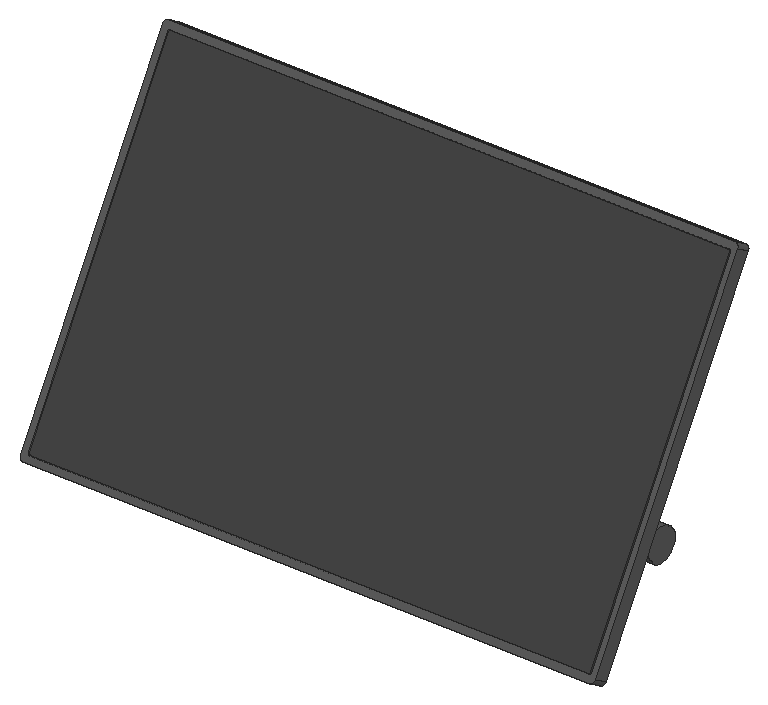
Revit family "Electronics_Commercial-Audio_Biamp_ ThinkSmart_Controller", category Communication Devices, host Face, Revit 2020
Family settings
  Host = Face
  Maintain Annotation Orientation = No
  Round Connector Dimension = Use Diameter
  Part Type = Normal
  OmniClass Number = 23.85.00.00
  OmniClass Title = Information and Communication
  Cut with Voids When Loaded = No
  Shared = No
  Room Calculation Point = No
Parameters (values of type "ThinkSmart Controller")
  Width = 266.500 mm  # constant formula
  Weight = 0.75 kgf  # constant formula
  Version = 1
  URL = "https://www.biamp.com/"
  Type Comments = ""
  Product data url = "https://bimobject.com/biamp/product/thinksmart-core-and-controller"
  Product Page URL = "https://www.biamp.com/products/product-families/commercial-audio/uc-compute#thinksmart-core"
  Product Documentation Link = "https://downloads.biamp.com/assets/docs/default-source/manuals/biamp_manual_ucc-lenovo_hw-install-guide_jun23.pdf"
  Position note [instance] = "Please use 1 or 2"  # constant formula
  Position [instance] = 1
  Nom Position [instance] = if(Position = 1, 1, 2)  # 1
  Offset V [instance] = if(Nom Position = 1, 65.800 mm, 67.500 mm)  # 65.800 mm
  Offset H [instance] = if(Nom Position = 1, 82.954 mm, 146.380 mm)  # 82.954 mm
  Model = "ThinkSmart Controller"  # constant formula
  Manufacturer = "Biamp"  # constant formula
  Housing Material = Biamp - Metal - Black
  Height = 168.100 mm  # constant formula
  Description = "Lenovo ThinkSmart™ Controller "  # constant formula
  Depth = 83.300 mm  # constant formula
  Default Elevation = 1219.200 mm
  Date Updated = ""
  Date Created = "2023/08/21"
  Rotation Angle of main part [instance] = if(Nom Position = 1, 60.00°, 30.00°)  # 60.00°
  Rotation Angle of leg [instance] = if(Nom Position = 1, 30.00°, 60.00°)  # 30.00°
  Connector Description = "USB-C 2.0"  # constant formula
Reference planes
  plane 1 "Center (Front/Back)": y = -4.994
  plane 2: z = 0
  plane 3 "Center (Left/Right)": x = 0
  plane 4: y = -96.852
  plane 5: y = -13.898
  plane 6: z = -0.335
  plane 7: z = -66.135
Lines and regions (mm)
  reference lines
    curve 1: line (0, -13.898, -0.335) -> (0, -57.199, 24.665)
    curve 2: line (0, -96.852, 0) -> (0, -56.852, 69.282)
Dimensions and locks
  locked: plane 1 "Center (Front/Back)" to plane 4 at 91.858
  curve 1 to curve 1 = 50.000 mm
  locked: plane 2 to plane 7 at 66.135
  "Offset V": plane 6 to plane 7
  locked: curve 2 to curve 2 at 80
  "Offset H": plane 5 to plane 4
  "Rotation Angle of leg": angle plane 6 to curve 1
  "Rotation Angle of main part": angle curve 2 to plane 2
  aligned and locked: plane 2 to host face
  aligned and locked: level to host face
  aligned and locked: plane 5 to curve 1
  aligned and locked: plane 6 to curve 1
  aligned and locked: plane 4 to curve 2
  aligned and locked: plane 2 to curve 2
Automatic sketch dimensions
  host sketch curve to host sketch curve = 2438.400 mm  (x2)
Nested families
  nested 1: "Family4" at (25, -63.129, 45.409) x (1, 0, 0) z (0, -0.5, -0.866), type "Family4"
  nested 2: "Family2" at (0, -49.198, 69.539) x (1, 0, 0) z (0, -0.866, 0.5), type "Family2"
    with Housing Material Biamp - Metal - Black
Connectors
  electrical at (33.25, -55.704, 32.791), driven by "Connector Description"
    settings: on nested 1, index 1, voltage 0 V, apparent load 0 VA, apparent load phase1 0 VA, apparent load phase2 0 VA, apparent load phase3 0 VA, power factor 1, load classification "Other", number of poles 1, system type 5, power factor state 1, is connector primary yes, connector utility no, sub classification motor no, connector description "USB-C 2.0"
  electrical at (33.25, -45.022, 26.656)
    settings: on nested 1, index 2, voltage 0 V, apparent load 0 VA, apparent load phase1 0 VA, apparent load phase2 0 VA, apparent load phase3 0 VA, power factor 1, load classification "Other", number of poles 1, system type 5, power factor state 1, is connector primary no, connector utility no, sub classification motor no, connector description "3.5 mm mini-jack"
Definition of nested family "Family4"
  Parameters (values of type "Family4")
    Default Elevation = 1219.200 mm
  Reference planes
    plane 1 "Center (Front/Back)": y = 0
    plane 2: z = 0
    plane 3 "Center (Left/Right)": x = 0
  Forms (mm)
    Extrusion 1, solid
      sketch origin (-21.602, 0, 5) x (0, -1, 0) y (1, 0, 0)
        loop
          line (0, -34.737) -> (0, 32.713) -> (-62.8, 32.713) -> (-62.8, -34.737) -> (0, -34.737)
      from -5 to 10
    Extrusion 2, solid
      sketch origin (-21.602, 0, 5) x (0, 0, 1) y (0, -1, 0)
        loop
          circle (2.5, -62.8) r 7.5
      from -36.749 to 88.489
    Extrusion 3, void
      sketch origin (-21.602, -2.5, 7.188) x (0, 0, 1) y (0, -1, 0)
        loop
          line (1.772, -12.258) -> (-1.716, -12.258) -> (-1.716, -18.221) -> (1.772, -18.221) -> (1.772, -12.258)
        loop
          circle (0, -27.558) r 1.577
        loop
          line (1.772, -51.217) -> (-1.716, -51.217) -> (-1.716, -52.919) -> (1.772, -52.919) -> (1.772, -51.217)
      from 29.852 to 32.713
  Cuts and joins
    Extrusion 3 cuts Extrusion 1
  Lines and regions (mm)
    Masking region 1
      outline origin (0, 0, 0) x (1, 0, 0) y (0, 1, 0)
        loop
          line (-58.351, 70.3) -> (-58.351, 55.3) -> (-56.339, 55.3) -> (-56.339, 0) -> (11.111, 0) -> (11.111, 55.3) -> (66.887, 55.3) -> (66.887, 70.3) -> (-58.351, 70.3)
    symbolic lines
      curve 1: line (11.111, 55.3, 0) -> (11.111, 62.8, 0)
      curve 2: line (11.111, 62.8, 0) -> (-56.339, 62.8, 0)
      curve 3: line (-56.339, 62.8, 0) -> (-56.339, 55.3, 0)
  Dimensions and locks
    aligned and locked: level to plane 2
Definition of nested family "Family2"
  Parameters (values of type "Family2")
    Housing Material [instance] = none
    Default Elevation = 1219.200 mm
  Reference planes
    plane 1 "Center (Front/Back)": y = 0
    plane 2: z = 0
    plane 3 "Center (Left/Right)": x = 0
  Forms (mm)
    Extrusion 1, solid, material <- "Housing Material", detail levels medium+fine
      sketch origin (0, 0, 0) x (1, 0, 0) y (0, 1, 0)
        loop
          arc (-130.75, 84.05) -> (-132.164, 83.464) -> (-132.75, 82.05) r 2
          line (-132.75, 82.05) -> (-132.75, -82.05)
          arc (-132.75, -82.05) -> (-132.164, -83.464) -> (-130.75, -84.05) r 2
          line (-130.75, -84.05) -> (130.75, -84.05)
          arc (130.75, -84.05) -> (132.164, -83.464) -> (132.75, -82.05) r 2
          line (132.75, -82.05) -> (132.75, 82.05)
          arc (132.75, 82.05) -> (132.164, 83.464) -> (130.75, 84.05) r 2
          line (130.75, 84.05) -> (-130.75, 84.05)
        loop
          arc (-129.75, -80.05) -> (-129.457, -80.757) -> (-128.75, -81.05) r 1
          line (-128.75, -81.05) -> (128.75, -81.05)
          arc (128.75, -81.05) -> (129.457, -80.757) -> (129.75, -80.05) r 1
          line (129.75, -80.05) -> (129.75, 80.05)
          arc (129.75, 80.05) -> (129.457, 80.757) -> (128.75, 81.05) r 1
          line (128.75, 81.05) -> (-128.75, 81.05)
          arc (-128.75, 81.05) -> (-129.457, 80.757) -> (-129.75, 80.05) r 1
          line (-129.75, 80.05) -> (-129.75, -80.05)
      from 6.5 to 13
    Blend 2, solid, material <- "Housing Material", detail levels medium+fine
      base sketch origin (0, 0, 0) x (1, 0, 0) y (0, 1, 0)
        loop
          line (-132.75, 82.05) -> (-132.75, -82.05)
          arc (-132.75, -82.05) -> (-132.164, -83.464) -> (-130.75, -84.05) r 2
          line (-130.75, -84.05) -> (130.75, -84.05)
          arc (130.75, -84.05) -> (132.164, -83.464) -> (132.75, -82.05) r 2
          line (132.75, -82.05) -> (132.75, 82.05)
          arc (132.75, 82.05) -> (132.164, 83.464) -> (130.75, 84.05) r 2
          line (130.75, 84.05) -> (-130.75, 84.05)
          arc (-130.75, 84.05) -> (-132.164, 83.464) -> (-132.75, 82.05) r 2
      top sketch origin (0, 0, 0) x (1, 0, 0) y (0, 1, 0)
        loop
          line (121.45, -70.75) -> (121.45, 70.75)
          arc (121.45, 70.75) -> (120.864, 72.164) -> (119.45, 72.75) r 2
          line (119.45, 72.75) -> (-119.45, 72.75)
          arc (-119.45, 72.75) -> (-120.864, 72.164) -> (-121.45, 70.75) r 2
          line (-121.45, 70.75) -> (-121.45, -70.75)
          arc (-121.45, -70.75) -> (-120.864, -72.164) -> (-119.45, -72.75) r 2
          line (-119.45, -72.75) -> (119.45, -72.75)
          arc (119.45, -72.75) -> (120.864, -72.164) -> (121.45, -70.75) r 2
      from 6.5 to 0
    Extrusion 3, solid, detail levels medium+fine
      sketch origin (0, 0, 0) x (1, 0, 0) y (0, 1, 0)
        loop
          arc (129.75, 80.05) -> (129.457, 80.757) -> (128.75, 81.05) r 1
          line (128.75, 81.05) -> (-128.75, 81.05)
          arc (-128.75, 81.05) -> (-129.457, 80.757) -> (-129.75, 80.05) r 1
          line (-129.75, 80.05) -> (-129.75, -80.05)
          arc (-129.75, -80.05) -> (-129.457, -80.757) -> (-128.75, -81.05) r 1
          line (-128.75, -81.05) -> (128.75, -81.05)
          arc (128.75, -81.05) -> (129.457, -80.757) -> (129.75, -80.05) r 1
          line (129.75, -80.05) -> (129.75, 80.05)
      from 6.5 to 13
    Extrusion 4, solid, material <- "Housing Material", detail levels coarse
      sketch origin (0, 0, 0) x (1, 0, 0) y (0, 1, 0)
        loop
          line (130.75, 84.05) -> (-130.75, 84.05)
          arc (-130.75, 84.05) -> (-132.164, 83.464) -> (-132.75, 82.05) r 2
          line (-132.75, 82.05) -> (-132.75, -82.05)
          arc (-132.75, -82.05) -> (-132.164, -83.464) -> (-130.75, -84.05) r 2
          line (-130.75, -84.05) -> (130.75, -84.05)
          arc (130.75, -84.05) -> (132.164, -83.464) -> (132.75, -82.05) r 2
          line (132.75, -82.05) -> (132.75, 82.05)
          arc (132.75, 82.05) -> (132.164, 83.464) -> (130.75, 84.05) r 2
      from 0 to 13
  Lines and regions (mm)
    Masking region 1
      outline origin (0, 0, 0) x (1, 0, 0) y (0, 1, 0)
        loop
          line (-132.75, 82.05) -> (-132.75, -82.05)
          arc (-132.75, -82.05) -> (-132.164, -83.464) -> (-130.75, -84.05) r 2
          line (-130.75, -84.05) -> (130.75, -84.05)
          arc (130.75, -84.05) -> (132.164, -83.464) -> (132.75, -82.05) r 2
          line (132.75, -82.05) -> (132.75, 82.05)
          arc (132.75, 82.05) -> (132.164, 83.464) -> (130.75, 84.05) r 2
          line (130.75, 84.05) -> (-130.75, 84.05)
          arc (-130.75, 84.05) -> (-132.164, 83.464) -> (-132.75, 82.05) r 2
    Masking region 2, detail levels coarse
      outline origin (0, 0, 0) x (1, 0, 0) y (0, 0, 1)
        loop
          line (132.75, 13) -> (-132.75, 13) -> (-132.75, 0) -> (132.75, 0) -> (132.75, 13)
    Masking region 3, detail levels medium+fine
      outline origin (0, 0, 0) x (1, 0, 0) y (0, 0, 1)
        loop
          line (132.75, 6.5) -> (132.75, 13) -> (-132.75, 13) -> (-132.75, 6.5) -> (132.75, 6.5)
    Masking region 4, detail levels medium+fine
      outline origin (0, 0, 0) x (1, 0, 0) y (0, 0, 1)
        loop
          line (-121.45, 0) -> (121.45, 0) -> (132.75, 6.5) -> (-132.75, 6.5) -> (-121.45, 0)
    symbolic lines, detail levels medium+fine
      curve 1: line (-129.75, 80.05, 0) -> (-129.75, -80.05, 0)
      curve 2: arc (-129.75, -80.05, 0) -> (-129.457, -80.757, 0) -> (-128.75, -81.05, 0) r 1
      curve 3: line (-128.75, -81.05, 0) -> (128.75, -81.05, 0)
      curve 4: arc (128.75, -81.05, 0) -> (129.457, -80.757, 0) -> (129.75, -80.05, 0) r 1
      curve 5: line (129.75, -80.05, 0) -> (129.75, 80.05, 0)
      curve 6: arc (129.75, 80.05, 0) -> (129.457, 80.757, 0) -> (128.75, 81.05, 0) r 1
      curve 7: line (128.75, 81.05, 0) -> (-128.75, 81.05, 0)
      curve 8: arc (-128.75, 81.05, 0) -> (-129.457, 80.757, 0) -> (-129.75, 80.05, 0) r 1
  Dimensions and locks
    aligned and locked: level to plane 2
